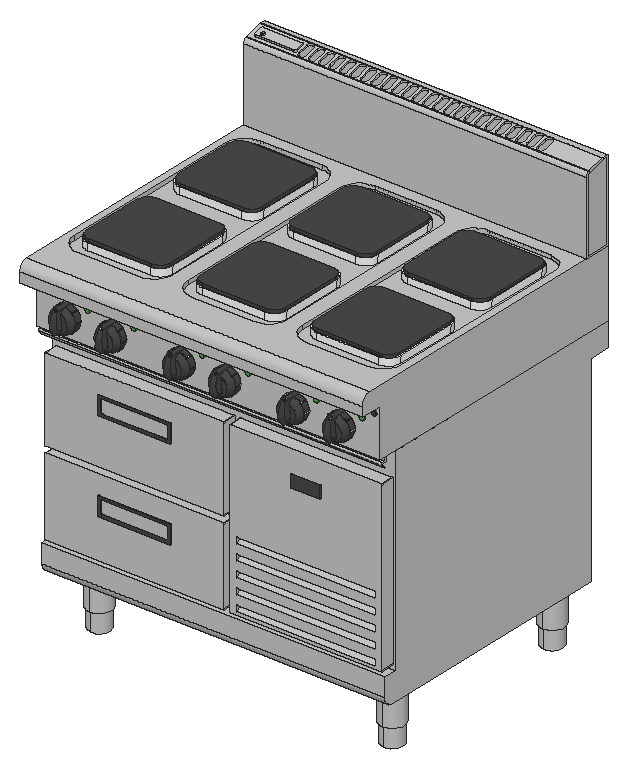
Revit family "QF_Moffat_RN8600SE-RB_Electric_Cooktops_Sealed_Hobs_cat", category Specialty Equipment, Revit 2019
Family settings
  Round Connector Dimension = Use Diameter
  Part Type = Normal
  Work Plane-Based = No
  Always vertical = Yes
  Cut with Voids When Loaded = No
  Shared = No
  Room Calculation Point = No
Parameters
  Weight in Pounds = 130
  Watts = 396 W
  Volts = 220 V
  URL Cutsheet = ""
  Specification by User = ""
  Specification by Manufacturer = ""
  Show Low Back [instance] = no
  Show Logo [instance] = yes
  Show High Back [instance] = not(Show Low Back)  # yes
  Serial Number = ""
  Seismic Rating = ""
  SMACNA No = ""
  Revision Code = ""
  Refrigerant Volume = 0.00 kip
  Refrigerant Type = "R134a"
  Phase = 1
  Number of Poles = 1
  NAFEM Spec ID Number = ""
  Model = "RN8600SE-RB"
  Min Ckt Ampacity = 0 A
  Max Overcurrent Protection = 0 A
  Masterspec = ""
  Manufacturer = "Moffat"
  Length = 900 mm
  Item Number = ""
  Installed By = ""
  Identify Quantity as Lot = yes
  Height = 915 mm
  HP = ""
  Furnished By = ""
  Foodservice Equipment Identifier = yes
  FL Amps = 1.8 A
  Electrical Remarks = ""
  Electric Connection Type = ""
  Elec Conn RI Height = 0 mm
  Elec Conn Connection Height = 0 mm
  Description = "Electric Cooktops Sealed Hobs"
  Depth = 805 mm
  Cycle = 50 Hz
  Conn Plug = ""
  Conn Conduit = yes
  CSI MasterFormat = ""
  BTUH = 0.0 Btu/h
  Apparent Power = if(Phase = 3, Volts * FL Amps * 1.73, Volts * FL Amps)  # 396 VA
Reference planes
  plane 1 "BACK": y = 0
  plane 2: z = 0
  plane 3 "LEFT": x = 0
  plane 4 "RIGHT": x = 900
  plane 5 "FRONT": y = -805
  plane 6 "TOP": z = 915
  plane 7 "Center Y": x = 450
  plane 8 "Center X": y = -402.5
Dimensions and locks
  equal spacing: plane 3 "LEFT", plane 7 "Center Y", plane 4 "RIGHT"
  "Length": plane 3 "LEFT" to plane 4 "RIGHT"
  equal spacing: plane 5 "FRONT", plane 8 "Center X", plane 1 "BACK"
  "Depth": plane 5 "FRONT" to plane 1 "BACK"
  "Height": plane 6 "TOP" to level
  aligned and locked: level to plane 2
Nested families
  nested 1: "RN8600SE-RB" at (0, 0, 0), type "E516S-RB"
  nested 2: "High and Low Option" at (0, 0, 0), High Back <- "Show High Back", Low Back <- "Show Low Back", Show Logo <- "Show Logo", type "RNLB8610SE"
    with Show Logo 2 yes, Show Logo 1 no, Show Logo yes, Low Back no, High Back yes
Connectors
  electrical at (650, -53.8, 300), driven by "BTUH"
    settings: on nested 1, index 1, voltage 0 V, apparent load 0 VA, apparent load phase1 0 VA, apparent load phase2 0 VA, apparent load phase3 0 VA, power factor 1, load classification "Other", number of poles 1, system type 30, power factor state 1, is connector primary yes, connector utility no, sub classification motor no, connector description "REFRIGERANT CONNECTION"
  electrical at (770, -30, 672.9), driven by "Volts", driven by "Watts"
    settings: on nested 1, index 2, voltage 220 V, apparent load 396 VA, apparent load phase1 0 VA, apparent load phase2 0 VA, apparent load phase3 0 VA, power factor 1, load classification "Other", number of poles 1, system type 30, power factor state 1, is connector primary no, connector utility no, sub classification motor no, connector description "ELECTRICAL CONNECTION"
Definition of nested family "RN8600SE-RB"
  Parameters (values of type "E516S-RB")
    Weight in Kilograms = 195
    Watts = Volts * FL Amps  # 8800 W
    Volts = 400 V
    URL Cutsheet = ""
    Specification by User = ""
    Specification by Manufacturer = ""
    Serial Number = ""
    Seismic Rating = ""
    SMACNA No = ""
    Revision Code = ""
    Refrigerant Volume = 0.00 kip
    Refrigerant Type = "R134a"
    Phase = 2
    Number of Poles = 1
    NAFEM Spec ID Number = ""
    Model = "RN8600SE-RB"
    Min Ckt Ampacity = 0 A
    Max Overcurrent Protection = 0 A
    Masterspec = ""
    Manufacturer = "Moffat"
    Length = 900 mm
    Item Number = ""
    Installed By = ""
    Identify Quantity as Lot = yes
    Height = 915 mm
    HP = ""
    Furnished By = ""
    Foodservice Equipment Identifier = yes
    FL Amps = 22 A
    Electrical Remarks = ""
    Electric Connection Type = ""
    Elec Conn RI Height = 0 mm
    Elec Conn Connection Height = 0 mm
    Description = "Electric Cooktops Sealed Hobs"
    Depth = 805 mm
    Cycle = 50 Hz
    Conn Plug = ""
    Conn Conduit = yes
    CSI MasterFormat = ""
    BTUH = 0.0 Btu/h
    Apparent Power = if(Phase = 3, Volts * FL Amps * 1.73, Volts * FL Amps)  # 8800 VA
  Reference planes
    plane 1 "BACK": y = 0
    plane 2: z = 0
    plane 3 "LEFT": x = 0
    plane 4 "RIGHT": x = 900
    plane 5 "FRONT": y = -805
    plane 6 "TOP": z = 915
    plane 7 "Center Y": x = 450
    plane 8 "Center X": y = -402.5
    plane 9: x = 65.5
    plane 10: x = 87.5
    plane 11: x = 211.766
    plane 12: y = -30
    plane 13: x = 770
    plane 14: x = 512.5
    plane 15: x = 388.234
    plane 16: x = 834.5
    plane 17: z = 150
    plane 18: y = -134
    plane 19: y = -624
    plane 20: x = 812.5
    plane 21: x = 688.234
    plane 22: x = 486.5
    plane 23: x = 650
    plane 24: z = 233
    plane 25: z = 658
  Forms (mm)
    Extrusion 1, solid
      sketch origin (0, 0, 600) x (0, 1, 0) y (0, 0, 1)
        loop
          line (0, 140) -> (0, 315) -> (-781, 315)
          arc (-781, 315) -> (-797.971, 307.971) -> (-805, 291) r 24
          line (-805, 291) -> (-805, 266) -> (-749, 266) -> (-749, 140) -> (0, 140)
      from 0 to 900
    Extrusion 2, void
      sketch origin (0, -776.971, 914.5) x (0, 1, 0) y (-1, 0, 0)
        loop
          arc (674.971, -69) -> (660.326, -33.645) -> (624.971, -19) r 50
          line (624.971, -19) -> (124.971, -19)
          arc (124.971, -19) -> (89.615, -33.645) -> (74.971, -69) r 50
          line (74.971, -69) -> (74.971, -231)
          arc (74.971, -231) -> (89.615, -266.355) -> (124.971, -281) r 50
          line (124.971, -281) -> (624.971, -281)
          arc (624.971, -281) -> (660.326, -266.355) -> (674.971, -231) r 50
          line (674.971, -231) -> (674.971, -69)
        loop
          line (674.971, -831) -> (674.971, -669)
          arc (674.971, -669) -> (660.326, -633.645) -> (624.971, -619) r 50
          line (624.971, -619) -> (124.971, -619)
          arc (124.971, -619) -> (89.615, -633.645) -> (74.971, -669) r 50
          line (74.971, -669) -> (74.971, -831)
          arc (74.971, -831) -> (89.615, -866.355) -> (124.971, -881) r 50
          line (124.971, -881) -> (624.971, -881)
          arc (624.971, -881) -> (660.326, -866.355) -> (674.971, -831) r 50
        loop
          arc (74.971, -531) -> (89.615, -566.355) -> (124.971, -581) r 50
          line (124.971, -581) -> (624.971, -581)
          arc (624.971, -581) -> (660.326, -566.355) -> (674.971, -531) r 50
          line (674.971, -531) -> (674.971, -369)
          arc (674.971, -369) -> (660.326, -333.645) -> (624.971, -319) r 50
          line (624.971, -319) -> (124.971, -319)
          arc (124.971, -319) -> (89.615, -333.645) -> (74.971, -369) r 50
          line (74.971, -369) -> (74.971, -531)
      from 0.5 to -9.5
    Extrusion 3, solid
      sketch origin (0, -776.971, 905) x (0, 1, 0) y (-1, 0, 0)
        loop
          arc (638.971, -68) -> (629.598, -45.373) -> (606.971, -36) r 32
          line (606.971, -36) -> (442.971, -36)
          arc (442.971, -36) -> (420.343, -45.373) -> (410.971, -68) r 32
          line (410.971, -68) -> (410.971, -232)
          arc (410.971, -232) -> (420.343, -254.627) -> (442.971, -264) r 32
          line (442.971, -264) -> (606.971, -264)
          arc (606.971, -264) -> (629.598, -254.627) -> (638.971, -232) r 32
          line (638.971, -232) -> (638.971, -68)
        loop
          arc (338.971, -68) -> (329.598, -45.373) -> (306.971, -36) r 32
          line (306.971, -36) -> (142.971, -36)
          arc (142.971, -36) -> (120.343, -45.373) -> (110.971, -68) r 32
          line (110.971, -68) -> (110.971, -232)
          arc (110.971, -232) -> (120.343, -254.627) -> (142.971, -264) r 32
          line (142.971, -264) -> (306.971, -264)
          arc (306.971, -264) -> (329.598, -254.627) -> (338.971, -232) r 32
          line (338.971, -232) -> (338.971, -68)
        loop
          arc (638.971, -368) -> (629.598, -345.373) -> (606.971, -336) r 32
          line (606.971, -336) -> (442.971, -336)
          arc (442.971, -336) -> (420.343, -345.373) -> (410.971, -368) r 32
          line (410.971, -368) -> (410.971, -532)
          arc (410.971, -532) -> (420.343, -554.627) -> (442.971, -564) r 32
          line (442.971, -564) -> (606.971, -564)
          arc (606.971, -564) -> (629.598, -554.627) -> (638.971, -532) r 32
          line (638.971, -532) -> (638.971, -368)
        loop
          arc (410.971, -832) -> (420.343, -854.627) -> (442.971, -864) r 32
          line (442.971, -864) -> (606.971, -864)
          arc (606.971, -864) -> (629.598, -854.627) -> (638.971, -832) r 32
          line (638.971, -832) -> (638.971, -668)
          arc (638.971, -668) -> (629.598, -645.373) -> (606.971, -636) r 32
          line (606.971, -636) -> (442.971, -636)
          arc (442.971, -636) -> (420.343, -645.373) -> (410.971, -668) r 32
          line (410.971, -668) -> (410.971, -832)
        loop
          arc (338.971, -368) -> (329.598, -345.373) -> (306.971, -336) r 32
          line (306.971, -336) -> (142.971, -336)
          arc (142.971, -336) -> (120.343, -345.373) -> (110.971, -368) r 32
          line (110.971, -368) -> (110.971, -532)
          arc (110.971, -532) -> (120.343, -554.627) -> (142.971, -564) r 32
          line (142.971, -564) -> (306.971, -564)
          arc (306.971, -564) -> (329.598, -554.627) -> (338.971, -532) r 32
          line (338.971, -532) -> (338.971, -368)
        loop
          arc (110.971, -832) -> (120.343, -854.627) -> (142.971, -864) r 32
          line (142.971, -864) -> (306.971, -864)
          arc (306.971, -864) -> (329.598, -854.627) -> (338.971, -832) r 32
          line (338.971, -832) -> (338.971, -668)
          arc (338.971, -668) -> (329.598, -645.373) -> (306.971, -636) r 32
          line (306.971, -636) -> (142.971, -636)
          arc (142.971, -636) -> (120.343, -645.373) -> (110.971, -668) r 32
          line (110.971, -668) -> (110.971, -832)
      from 0 to 17.8
    Extrusion 4, solid
      sketch origin (0, -776.971, 922.8) x (0, 1, 0) y (-1, 0, 0)
        loop
          arc (634.971, -67) -> (627.062, -47.908) -> (607.971, -40) r 27
          line (607.971, -40) -> (441.971, -40)
          arc (441.971, -40) -> (422.879, -47.908) -> (414.971, -67) r 27
          line (414.971, -67) -> (414.971, -233)
          arc (414.971, -233) -> (422.879, -252.092) -> (441.971, -260) r 27
          line (441.971, -260) -> (607.971, -260)
          arc (607.971, -260) -> (627.062, -252.092) -> (634.971, -233) r 27
          line (634.971, -233) -> (634.971, -67)
        loop
          arc (334.971, -67) -> (327.062, -47.908) -> (307.971, -40) r 27
          line (307.971, -40) -> (141.971, -40)
          arc (141.971, -40) -> (122.879, -47.908) -> (114.971, -67) r 27
          line (114.971, -67) -> (114.971, -233)
          arc (114.971, -233) -> (122.879, -252.092) -> (141.971, -260) r 27
          line (141.971, -260) -> (307.971, -260)
          arc (307.971, -260) -> (327.062, -252.092) -> (334.971, -233) r 27
          line (334.971, -233) -> (334.971, -67)
        loop
          line (634.971, -833) -> (634.971, -667)
          arc (634.971, -667) -> (627.062, -647.908) -> (607.971, -640) r 27
          line (607.971, -640) -> (441.971, -640)
          arc (441.971, -640) -> (422.879, -647.908) -> (414.971, -667) r 27
          line (414.971, -667) -> (414.971, -833)
          arc (414.971, -833) -> (422.879, -852.092) -> (441.971, -860) r 27
          line (441.971, -860) -> (607.971, -860)
          arc (607.971, -860) -> (627.062, -852.092) -> (634.971, -833) r 27
        loop
          line (414.971, -367) -> (414.971, -533)
          arc (414.971, -533) -> (422.879, -552.092) -> (441.971, -560) r 27
          line (441.971, -560) -> (607.971, -560)
          arc (607.971, -560) -> (627.062, -552.092) -> (634.971, -533) r 27
          line (634.971, -533) -> (634.971, -367)
          arc (634.971, -367) -> (627.062, -347.908) -> (607.971, -340) r 27
          line (607.971, -340) -> (441.971, -340)
          arc (441.971, -340) -> (422.879, -347.908) -> (414.971, -367) r 27
        loop
          arc (307.971, -860) -> (327.062, -852.092) -> (334.971, -833) r 27
          line (334.971, -833) -> (334.971, -667)
          arc (334.971, -667) -> (327.062, -647.908) -> (307.971, -640) r 27
          line (307.971, -640) -> (141.971, -640)
          arc (141.971, -640) -> (122.879, -647.908) -> (114.971, -667) r 27
          line (114.971, -667) -> (114.971, -833)
          arc (114.971, -833) -> (122.879, -852.092) -> (141.971, -860) r 27
          line (141.971, -860) -> (307.971, -860)
        loop
          arc (141.971, -340) -> (122.879, -347.908) -> (114.971, -367) r 27
          line (114.971, -367) -> (114.971, -533)
          arc (114.971, -533) -> (122.879, -552.092) -> (141.971, -560) r 27
          line (141.971, -560) -> (307.971, -560)
          arc (307.971, -560) -> (327.062, -552.092) -> (334.971, -533) r 27
          line (334.971, -533) -> (334.971, -367)
          arc (334.971, -367) -> (327.062, -347.908) -> (307.971, -340) r 27
          line (307.971, -340) -> (141.971, -340)
      from 0 to 6.1
    Extrusion 5, solid
      sketch origin (0, 0, 600) x (0, 1, 0) y (0, 0, 1)
        loop
          line (-697, 74.5) -> (0, 74.5) -> (0, 140) -> (-697, 140) -> (-697, 74.5)
      from 0 to 900
    Extrusion 6, solid
      sketch origin (0, 0, 600) x (0, 1, 0) y (0, 0, 1)
        loop
          line (-730.6, 140) -> (-730.6, 130) -> (-740.105, 130)
          arc (-740.105, 130) -> (-743.076, 128.015) -> (-742.379, 124.511) r 3.215
          line (-742.379, 124.511) -> (-731.85, 113.982) -> (-730.719, 115.113) -> (-741.247, 125.642)
          arc (-741.247, 125.642) -> (-741.597, 127.403) -> (-740.105, 128.4) r 1.615
          line (-740.105, 128.4) -> (-729, 128.4) -> (-729, 140) -> (-730.6, 140)
      from 0 to 900
    Extrusion 7, solid
      sketch origin (450, 175.397, 1819.2) x (0, 1, 0) y (0, 0, 1)
        loop
          line (-872.397, -1109.2) -> (-889.234, -1109.2)
          arc (-889.234, -1109.2) -> (-890.834, -1110.8) -> (-889.234, -1112.4) r 1.6
          line (-889.234, -1112.4) -> (-872.397, -1112.4) -> (-872.397, -1109.2)
      from -400 to 400
    Extrusion 8, solid
      sketch origin (0, -749, 748.75) x (0, 0, 1) y (-1, 0, 0)
        loop
          circle (97.343, -13.157) r 5
        loop
          circle (97.343, -886.843) r 5
      from 0 to 1.6
    Extrusion 9, solid
      sketch origin (0, -698, 674.5) x (1, 0, 0) y (0, -1, 0)
        loop
          circle (770, -668) r 6.35
      from 0 to 1.6
    Extrusion 10, solid
      sketch origin (-6096, 187.719, 150) x (0, 1, 0) y (-1, 0, 0)
        loop
          line (-244.719, -6096) -> (-884.719, -6096) -> (-884.719, -6146) -> (-292.719, -6146) -> (-292.719, -6946) -> (-884.719, -6946) -> (-884.719, -6996) -> (-244.719, -6996) -> (-244.719, -6096)
      from 0 to 524.5
    Extrusion 11, solid
      sketch origin (0, 0, 0) x (0, 1, 0) y (0, 0, 1)
        loop
          line (-57, 150) -> (-57, 222.5) -> (-733, 222.5) -> (-733, 174)
          arc (-733, 174) -> (-725.971, 157.029) -> (-709, 150) r 24
          line (-709, 150) -> (-57, 150)
      from 0 to 900
    Extrusion 12, solid
      sketch origin (586.5, -48, 150) x (0, -1, 0) y (0, 0, 1)
        loop
          line (649, 535) -> (57, 535) -> (57, 72.5) -> (649, 72.5) -> (649, 535)
      from 64.5 to 135.5
    Revolve 13, solid
      sketch origin (65.5, -4573, -304.8) x (0, 0, -1) y (0, -1, 0)
        loop
          line (-304.8, -3948) -> (-454.8, -3948) -> (-454.8, -3979.75) -> (-354.8, -3979.75) -> (-354.8, -3975.5) -> (-304.8, -3975.5) -> (-304.8, -3948)
        axis (-454.8, -3948) -> (-304.8, -3948)
      angle from 0 to 360
    Revolve 14, solid
      sketch origin (834.5, -4573, -304.8) x (0, 0, -1) y (0, 1, 0)
        loop
          line (-304.8, 3948) -> (-304.8, 3975.5) -> (-354.8, 3975.5) -> (-354.8, 3979.75) -> (-454.8, 3979.75) -> (-454.8, 3948) -> (-304.8, 3948)
        axis (-454.8, 3948) -> (-304.8, 3948)
      angle from 0 to 360
    Extrusion 15, void
      sketch origin (0, -733, 740) x (0, 0, -1) y (1, 0, 0)
        loop
          arc (121.8, 161) -> (123.557, 156.757) -> (127.8, 155) r 6
          line (127.8, 155) -> (152.434, 155)
          arc (152.434, 155) -> (156.676, 156.757) -> (158.434, 161) r 6
          line (158.434, 161) -> (158.434, 327)
          arc (158.434, 327) -> (156.676, 331.243) -> (152.434, 333) r 6
          line (152.434, 333) -> (127.8, 333)
          arc (127.8, 333) -> (123.557, 331.243) -> (121.8, 327) r 6
          line (121.8, 327) -> (121.8, 161)
        loop
          arc (358.8, 161) -> (360.557, 156.757) -> (364.8, 155) r 6
          line (364.8, 155) -> (389.434, 155)
          arc (389.434, 155) -> (393.676, 156.757) -> (395.434, 161) r 6
          line (395.434, 161) -> (395.434, 327)
          arc (395.434, 327) -> (393.676, 331.243) -> (389.434, 333) r 6
          line (389.434, 333) -> (364.8, 333)
          arc (364.8, 333) -> (360.557, 331.243) -> (358.8, 327) r 6
          line (358.8, 327) -> (358.8, 161)
      from 0 to -10
    Extrusion 16, solid
      sketch origin (0, -733, 740) x (0, 0, -1) y (1, 0, 0)
        loop
          line (353.494, 149) -> (401.494, 149) -> (402.494, 150) -> (402.494, 338) -> (401.494, 339) -> (353.494, 339) -> (352.494, 338) -> (352.494, 150) -> (353.494, 149)
        loop
          line (116.494, 149) -> (164.494, 149) -> (165.494, 150) -> (165.494, 338) -> (164.494, 339) -> (116.494, 339) -> (115.494, 338) -> (115.494, 150) -> (116.494, 149)
        loop
          arc (121.8, 161) -> (123.557, 156.757) -> (127.8, 155) r 6
          line (127.8, 155) -> (152.434, 155)
          arc (152.434, 155) -> (156.676, 156.757) -> (158.434, 161) r 6
          line (158.434, 161) -> (158.434, 327)
          arc (158.434, 327) -> (156.676, 331.243) -> (152.434, 333) r 6
          line (152.434, 333) -> (127.8, 333)
          arc (127.8, 333) -> (123.557, 331.243) -> (121.8, 327) r 6
          line (121.8, 327) -> (121.8, 161)
        loop
          arc (358.8, 161) -> (360.557, 156.757) -> (364.8, 155) r 6
          line (364.8, 155) -> (389.434, 155)
          arc (389.434, 155) -> (393.676, 156.757) -> (395.434, 161) r 6
          line (395.434, 161) -> (395.434, 327)
          arc (395.434, 327) -> (393.676, 331.243) -> (389.434, 333) r 6
          line (389.434, 333) -> (364.8, 333)
          arc (364.8, 333) -> (360.557, 331.243) -> (358.8, 327) r 6
          line (358.8, 327) -> (358.8, 161)
      from 0 to 1.6
    Extrusion 17, solid
      sketch origin (0, -697, 740) x (0, 0, -1) y (1, 0, 0)
        loop
          line (507, 496) -> (507, 892)
          arc (507, 892) -> (506.414, 893.414) -> (505, 894) r 2
          line (505, 894) -> (67.5, 894)
          arc (67.5, 894) -> (66.086, 893.414) -> (65.5, 892) r 2
          line (65.5, 892) -> (65.5, 496)
          arc (65.5, 496) -> (66.086, 494.586) -> (67.5, 494) r 2
          line (67.5, 494) -> (505, 494)
          arc (505, 494) -> (506.414, 494.586) -> (507, 496) r 2
      from 0 to 36
    Extrusion 18, void
      sketch origin (522, -48, 150) x (0, 1, 0) y (0, 0, 1)
        loop
          line (-649, 303.003) -> (-685, 267.003) -> (-685, 249.042) -> (-649, 285.042) -> (-649, 303.003)
        loop
          line (-649, 263.003) -> (-685, 227.003) -> (-685, 209.042) -> (-649, 245.042) -> (-649, 263.003)
        loop
          line (-649, 223.003) -> (-685, 187.003) -> (-685, 169.042) -> (-649, 205.042) -> (-649, 223.003)
        loop
          line (-649, 183.003) -> (-685, 147.003) -> (-685, 129.042) -> (-649, 165.042) -> (-649, 183.003)
        loop
          line (-649, 143.003) -> (-685, 107.003) -> (-685, 89.042) -> (-649, 125.042) -> (-649, 143.003)
      from -10.5 to 354.5
    Extrusion 19, solid
      sketch origin (0, -733, 740) x (0, 0, -1) y (1, 0, 0)
        loop
          line (123.994, 656.5) -> (156.994, 656.5) -> (156.994, 731.5) -> (123.994, 731.5) -> (123.994, 656.5)
      from 0 to 1.6
    Extrusion 20, solid
      sketch origin (0, -57, 150) x (1, 0, 0) y (0, 0, -1)
        loop
          circle (650, -150) r 12.7
      from 0 to 3.2
    Revolve 21, solid
      sketch origin (65.5, 3848, -304.8) x (0, 0, -1) y (0, -1, 0)
        loop
          line (-304.8, 3948) -> (-304.8, 3975.5) -> (-354.8, 3975.5) -> (-354.8, 3979.75) -> (-454.8, 3979.75) -> (-454.8, 3948) -> (-304.8, 3948)
        axis (-454.8, 3948) -> (-304.8, 3948)
      angle from 0 to 360
    Revolve 22, solid
      sketch origin (834.5, 3848, -304.8) x (0, 0, -1) y (0, 1, 0)
        loop
          line (-304.8, -3948) -> (-454.8, -3948) -> (-454.8, -3979.75) -> (-354.8, -3979.75) -> (-354.8, -3975.5) -> (-304.8, -3975.5) -> (-304.8, -3948)
        axis (-454.8, -3948) -> (-304.8, -3948)
      angle from 0 to 360
    Extrusion 23, solid
      sketch origin (0, -749, 740) x (0, 0, 1) y (-1, 0, 0)
        loop
          circle (86.3, -135) r 7.25
        loop
          circle (86.3, -255) r 7.25
        loop
          circle (86.3, -435) r 7.25
        loop
          circle (86.3, -555) r 7.25
        loop
          circle (86.3, -735) r 7.25
        loop
          circle (86.3, -855) r 7.25
      from 0 to 1.6
    Extrusion 24, solid
      sketch origin (550, -48, 150) x (0, -1, 0) y (0, 0, 1)
        loop
          line (649, 72.5) -> (649, 83) -> (9, 83) -> (9, 72.5) -> (649, 72.5)
      from -300 to 500
    Extrusion 25, solid
      sketch origin (50, -698, 150) x (0, 1, 0) y (0, 0, 1)
        loop
          line (1, 303.5) -> (1, 287.5) -> (1.96, 287.5) -> (1.96, 303.5) -> (1, 303.5)
      from 0 to 401
    Extrusion 26, solid
      sketch origin (0, -697, 740) x (0, 0, -1) y (1, 0, 0)
        loop
          line (67.5, 9) -> (284.5, 9)
          arc (284.5, 9) -> (285.914, 9.586) -> (286.5, 11) r 2
          line (286.5, 11) -> (286.5, 477)
          arc (286.5, 477) -> (285.914, 478.414) -> (284.5, 479) r 2
          line (284.5, 479) -> (67.5, 479)
          arc (67.5, 479) -> (66.086, 478.414) -> (65.5, 477) r 2
          line (65.5, 477) -> (65.5, 11)
          arc (65.5, 11) -> (66.086, 9.586) -> (67.5, 9) r 2
        loop
          arc (507, 477) -> (506.414, 478.414) -> (505, 479) r 2
          line (505, 479) -> (304.5, 479)
          arc (304.5, 479) -> (303.086, 478.414) -> (302.5, 477) r 2
          line (302.5, 477) -> (302.5, 11)
          arc (302.5, 11) -> (303.086, 9.586) -> (304.5, 9) r 2
          line (304.5, 9) -> (505, 9)
          arc (505, 9) -> (506.414, 9.586) -> (507, 11) r 2
          line (507, 11) -> (507, 477)
      from 0 to 36
  Cuts and joins
    Extrusion 2 cuts Extrusion 1
    joined: Extrusion 5, Extrusion 10, Extrusion 11, Extrusion 12, Extrusion 24, Extrusion 25
    Extrusion 18 cuts Extrusion 17
  Lines and regions (mm)
    symbolic lines
      curve 1: line (0, 0, 0) -> (900, 0, 0)
      curve 2: line (0, -805, 0) -> (0, 0, 0)
      curve 3: line (900, -805, 0) -> (0, -805, 0)
      curve 4: line (900, 0, 0) -> (900, -805, 0)
      curve 5: arc (281, -652, 0) -> (266.355, -687.355, 0) -> (231, -702, 0) r 50
      curve 6: line (231, -702, 0) -> (69, -702, 0)
      curve 7: arc (69, -702, 0) -> (33.645, -687.355, 0) -> (19, -652, 0) r 50
      curve 8: line (19, -652, 0) -> (19, -152, 0)
      curve 9: arc (19, -152, 0) -> (33.645, -116.645, 0) -> (69, -102, 0) r 50
      curve 10: line (69, -102, 0) -> (231, -102, 0)
      curve 11: arc (231, -102, 0) -> (266.355, -116.645, 0) -> (281, -152, 0) r 50
      curve 12: line (281, -152, 0) -> (281, -652, 0)
      curve 13: arc (319, -152, 0) -> (333.645, -116.645, 0) -> (369, -102, 0) r 50
      curve 14: line (369, -102, 0) -> (531, -102, 0)
      curve 15: arc (531, -102, 0) -> (566.355, -116.645, 0) -> (581, -152, 0) r 50
      curve 16: line (581, -152, 0) -> (581, -652, 0)
      curve 17: arc (581, -652, 0) -> (566.355, -687.355, 0) -> (531, -702, 0) r 50
      curve 18: line (531, -702, 0) -> (369, -702, 0)
      curve 19: arc (369, -702, 0) -> (333.645, -687.355, 0) -> (319, -652, 0) r 50
      curve 20: line (319, -652, 0) -> (319, -152, 0)
      curve 21: arc (619, -152, 0) -> (633.645, -116.645, 0) -> (669, -102, 0) r 50
      curve 22: line (669, -102, 0) -> (831, -102, 0)
      curve 23: arc (831, -102, 0) -> (866.355, -116.645, 0) -> (881, -152, 0) r 50
      curve 24: line (881, -152, 0) -> (881, -652, 0)
      curve 25: arc (881, -652, 0) -> (866.355, -687.355, 0) -> (831, -702, 0) r 50
      curve 26: line (831, -702, 0) -> (669, -702, 0)
      curve 27: arc (669, -702, 0) -> (633.645, -687.355, 0) -> (619, -652, 0) r 50
      curve 28: line (619, -652, 0) -> (619, -152, 0)
      curve 29: arc (68, -138, 0) -> (45.373, -147.373, 0) -> (36, -170, 0) r 32
      curve 30: line (36, -170, 0) -> (36, -334, 0)
      curve 31: arc (36, -334, 0) -> (45.373, -356.627, 0) -> (68, -366, 0) r 32
      curve 32: line (68, -366, 0) -> (232, -366, 0)
      curve 33: arc (232, -366, 0) -> (254.627, -356.627, 0) -> (264, -334, 0) r 32
      curve 34: line (264, -334, 0) -> (264, -170, 0)
      curve 35: arc (264, -170, 0) -> (254.627, -147.373, 0) -> (232, -138, 0) r 32
      curve 36: line (232, -138, 0) -> (68, -138, 0)
      curve 37: arc (67, -142, 0) -> (47.908, -149.908, 0) -> (40, -169, 0) r 27
      curve 38: line (40, -169, 0) -> (40, -335, 0)
      curve 39: arc (40, -335, 0) -> (47.908, -354.092, 0) -> (67, -362, 0) r 27
      curve 40: line (67, -362, 0) -> (233, -362, 0)
      curve 41: arc (233, -362, 0) -> (252.092, -354.092, 0) -> (260, -335, 0) r 27
      curve 42: line (260, -335, 0) -> (260, -169, 0)
      curve 43: arc (260, -169, 0) -> (252.092, -149.908, 0) -> (233, -142, 0) r 27
      curve 44: line (233, -142, 0) -> (67, -142, 0)
      curve 45: arc (68, -438, 0) -> (45.373, -447.373, 0) -> (36, -470, 0) r 32
      curve 46: line (36, -470, 0) -> (36, -634, 0)
      curve 47: arc (36, -634, 0) -> (45.373, -656.627, 0) -> (68, -666, 0) r 32
      curve 48: line (68, -666, 0) -> (232, -666, 0)
      curve 49: arc (232, -666, 0) -> (254.627, -656.627, 0) -> (264, -634, 0) r 32
      curve 50: line (264, -634, 0) -> (264, -470, 0)
      curve 51: arc (264, -470, 0) -> (254.627, -447.373, 0) -> (232, -438, 0) r 32
      curve 52: line (232, -438, 0) -> (68, -438, 0)
      curve 53: arc (67, -442, 0) -> (47.908, -449.908, 0) -> (40, -469, 0) r 27
      curve 54: line (40, -469, 0) -> (40, -635, 0)
      curve 55: arc (40, -635, 0) -> (47.908, -654.092, 0) -> (67, -662, 0) r 27
      curve 56: line (67, -662, 0) -> (233, -662, 0)
      curve 57: arc (233, -662, 0) -> (252.092, -654.092, 0) -> (260, -635, 0) r 27
      curve 58: line (260, -635, 0) -> (260, -469, 0)
      curve 59: arc (260, -469, 0) -> (252.092, -449.908, 0) -> (233, -442, 0) r 27
      curve 60: line (233, -442, 0) -> (67, -442, 0)
      curve 61: arc (368, -438, 0) -> (345.373, -447.373, 0) -> (336, -470, 0) r 32
      curve 62: line (336, -470, 0) -> (336, -634, 0)
      curve 63: arc (336, -634, 0) -> (345.373, -656.627, 0) -> (368, -666, 0) r 32
      curve 64: line (368, -666, 0) -> (532, -666, 0)
      curve 65: arc (532, -666, 0) -> (554.627, -656.627, 0) -> (564, -634, 0) r 32
      curve 66: line (564, -634, 0) -> (564, -470, 0)
      curve 67: arc (564, -470, 0) -> (554.627, -447.373, 0) -> (532, -438, 0) r 32
      curve 68: line (532, -438, 0) -> (368, -438, 0)
      curve 69: arc (367, -442, 0) -> (347.908, -449.908, 0) -> (340, -469, 0) r 27
      curve 70: line (340, -469, 0) -> (340, -635, 0)
      curve 71: arc (340, -635, 0) -> (347.908, -654.092, 0) -> (367, -662, 0) r 27
      curve 72: line (367, -662, 0) -> (533, -662, 0)
      curve 73: arc (533, -662, 0) -> (552.092, -654.092, 0) -> (560, -635, 0) r 27
      curve 74: line (560, -635, 0) -> (560, -469, 0)
      curve 75: arc (560, -469, 0) -> (552.092, -449.908, 0) -> (533, -442, 0) r 27
      curve 76: line (533, -442, 0) -> (367, -442, 0)
      curve 77: arc (336, -334, 0) -> (345.373, -356.627, 0) -> (368, -366, 0) r 32
      curve 78: line (368, -366, 0) -> (532, -366, 0)
      curve 79: arc (532, -366, 0) -> (554.627, -356.627, 0) -> (564, -334, 0) r 32
      curve 80: line (564, -334, 0) -> (564, -170, 0)
      curve 81: arc (564, -170, 0) -> (554.627, -147.373, 0) -> (532, -138, 0) r 32
      curve 82: line (532, -138, 0) -> (368, -138, 0)
      curve 83: arc (368, -138, 0) -> (345.373, -147.373, 0) -> (336, -170, 0) r 32
      curve 84: line (336, -170, 0) -> (336, -334, 0)
      curve 85: arc (340, -335, 0) -> (347.908, -354.092, 0) -> (367, -362, 0) r 27
      curve 86: line (367, -362, 0) -> (533, -362, 0)
      curve 87: arc (533, -362, 0) -> (552.092, -354.092, 0) -> (560, -335, 0) r 27
      curve 88: line (560, -335, 0) -> (560, -169, 0)
      curve 89: arc (560, -169, 0) -> (552.092, -149.908, 0) -> (533, -142, 0) r 27
      curve 90: line (533, -142, 0) -> (367, -142, 0)
      curve 91: arc (367, -142, 0) -> (347.908, -149.908, 0) -> (340, -169, 0) r 27
      curve 92: line (340, -169, 0) -> (340, -335, 0)
      curve 93: arc (668, -138, 0) -> (645.373, -147.373, 0) -> (636, -170, 0) r 32
      curve 94: line (636, -170, 0) -> (636, -334, 0)
      curve 95: arc (636, -334, 0) -> (645.373, -356.627, 0) -> (668, -366, 0) r 32
      curve 96: line (668, -366, 0) -> (832, -366, 0)
      curve 97: arc (832, -366, 0) -> (854.627, -356.627, 0) -> (864, -334, 0) r 32
      curve 98: line (864, -334, 0) -> (864, -170, 0)
      curve 99: arc (864, -170, 0) -> (854.627, -147.373, 0) -> (832, -138, 0) r 32
      curve 100: line (832, -138, 0) -> (668, -138, 0)
      curve 101: arc (667, -142, 0) -> (647.908, -149.908, 0) -> (640, -169, 0) r 27
      curve 102: line (640, -169, 0) -> (640, -335, 0)
      curve 103: arc (640, -335, 0) -> (647.908, -354.092, 0) -> (667, -362, 0) r 27
      curve 104: line (667, -362, 0) -> (833, -362, 0)
      curve 105: arc (833, -362, 0) -> (852.092, -354.092, 0) -> (860, -335, 0) r 27
      curve 106: line (860, -335, 0) -> (860, -169, 0)
      curve 107: arc (860, -169, 0) -> (852.092, -149.908, 0) -> (833, -142, 0) r 27
      curve 108: line (833, -142, 0) -> (667, -142, 0)
      curve 109: arc (668, -438, 0) -> (645.373, -447.373, 0) -> (636, -470, 0) r 32
      curve 110: line (636, -470, 0) -> (636, -634, 0)
      curve 111: arc (636, -634, 0) -> (645.373, -656.627, 0) -> (668, -666, 0) r 32
      curve 112: line (668, -666, 0) -> (832, -666, 0)
      curve 113: arc (832, -666, 0) -> (854.627, -656.627, 0) -> (864, -634, 0) r 32
      curve 114: line (864, -634, 0) -> (864, -470, 0)
      curve 115: arc (864, -470, 0) -> (854.627, -447.373, 0) -> (832, -438, 0) r 32
      curve 116: line (832, -438, 0) -> (668, -438, 0)
      curve 117: arc (667, -442, 0) -> (647.908, -449.908, 0) -> (640, -469, 0) r 27
      curve 118: line (640, -469, 0) -> (640, -635, 0)
      curve 119: arc (640, -635, 0) -> (647.908, -654.092, 0) -> (667, -662, 0) r 27
      curve 120: line (667, -662, 0) -> (833, -662, 0)
      curve 121: arc (833, -662, 0) -> (852.092, -654.092, 0) -> (860, -635, 0) r 27
      curve 122: line (860, -635, 0) -> (860, -469, 0)
      curve 123: arc (860, -469, 0) -> (852.092, -449.908, 0) -> (833, -442, 0) r 27
      curve 124: line (833, -442, 0) -> (667, -442, 0)
  Dimensions and locks
    equal spacing: plane 3 "LEFT", plane 7 "Center Y", plane 4 "RIGHT"
    "Length": plane 3 "LEFT" to plane 4 "RIGHT"
    equal spacing: plane 5 "FRONT", plane 8 "Center X", plane 1 "BACK"
    "Depth": plane 5 "FRONT" to plane 1 "BACK"
    "Height": plane 6 "TOP" to level
    plane 4 "RIGHT" to plane 3 "LEFT" = 900 mm
    plane 1 "BACK" to plane 5 "FRONT" = 805 mm
    plane 6 "TOP" to plane 2 = 915 mm
    locked: plane 13 to plane 4 "RIGHT" at 130
    plane 9 to plane 16 = 769 mm
    plane 17 to plane 2 = 150 mm
    plane 1 "BACK" to plane 18 = 134 mm
    plane 18 to plane 19 = 490 mm
    plane 1 "BACK" to plane 12 = 30 mm
    plane 1 "BACK" to cut or joined group of Extrusion 5, Extrusion 10, Extrusion 11, Extrusion 12, Extrusion 24, Extrusion 25 = 57 mm
    plane 23 to plane 4 "RIGHT" = 250 mm
    aligned and locked: level to plane 2
  Automatic sketch dimensions
    Extrusion 5 sketch curve to plane 1 "BACK" = 0 mm
    plane 19 to Extrusion 5 sketch curve = 73 mm
    Extrusion 5 sketch curve to Extrusion 5 sketch curve = 65.5 mm
    Extrusion 6 sketch curve to Extrusion 6 sketch curve = 0 mm  (x3)
    Extrusion 6 sketch curve to plane 5 "FRONT" = 62.621 mm
    Extrusion 6 sketch curve to Extrusion 6 sketch curve = 1.131 mm  (x3)
    Extrusion 6 sketch curve to Extrusion 6 sketch curve = 1.142 mm  (x2)
    Extrusion 6 sketch curve to Extrusion 6 sketch curve = 10.529 mm
    Extrusion 6 sketch curve to Extrusion 6 sketch curve = 9.505 mm
    Extrusion 6 sketch curve to Extrusion 6 sketch curve = 1.6 mm
    Extrusion 6 sketch curve to Extrusion 6 sketch curve = 10 mm
    plane 19 to Extrusion 7 sketch curve = 89.837 mm
    Extrusion 7 sketch curve to Extrusion 7 sketch curve = 16.837 mm
    Extrusion 7 sketch curve to Extrusion 7 sketch curve = 1.6 mm
    Extrusion 8 sketch curve to Extrusion 1 = 19.907 mm  (x2)
    Extrusion 1 to Extrusion 8 sketch curve = 13.157 mm  (x2)
    Extrusion 10 sketch curve to plane 3 "LEFT" = 0 mm
    Extrusion 10 sketch curve to plane 4 "RIGHT" = 0 mm
    plane 9 to Extrusion 10 sketch curve = 15.5 mm
    plane 19 to Extrusion 10 sketch curve = 73 mm  (x2)
    plane 16 to Extrusion 10 sketch curve = 15.5 mm
    Extrusion 10 sketch curve to plane 18 = 29 mm
    plane 12 to Extrusion 10 sketch curve = 27 mm
    Extrusion 12 sketch curve to plane 18 = 29 mm
    plane 19 to Extrusion 12 sketch curve = 73 mm
    Revolve 13 sketch curve to plane 17 = 0 mm
    Revolve 13 sketch curve to level = 0 mm  (x2)
    level to Revolve 13 sketch curve = 50 mm
    Revolve 13 sketch curve to plane 19 = 30.75 mm
    Revolve 13 sketch curve to plane 19 = 26.5 mm
    plane 19 to Revolve 13 sketch curve = 1 mm  (x2)
    Revolve 13 sketch curve to Revolve 13 sketch curve = 35 mm
    Revolve 14 sketch curve to plane 17 = 0 mm
    Revolve 14 sketch curve to level = 0 mm  (x2)
    level to Revolve 14 sketch curve = 50 mm
    plane 19 to Revolve 14 sketch curve = 1 mm  (x2)
    Revolve 14 sketch curve to plane 19 = 26.5 mm
    Revolve 14 sketch curve to plane 19 = 30.75 mm
    Revolve 14 sketch curve to Revolve 14 sketch curve = 35 mm
    Extrusion 15 sketch curve to Extrusion 15 sketch curve = 6 mm  (x6)
    Extrusion 15 sketch curve to Extrusion 15 sketch curve = 24.634 mm  (x4)
    Extrusion 16 sketch curve to Extrusion 16 sketch curve = 1 mm  (x12)
    Extrusion 16 sketch curve to Extrusion 16 sketch curve = 6.306 mm  (x2)
    Extrusion 16 sketch curve to Extrusion 16 sketch curve = 6 mm  (x8)
    Extrusion 16 sketch curve to Extrusion 16 sketch curve = 24.634 mm  (x4)
    Extrusion 16 sketch curve to Extrusion 16 sketch curve = 6.06 mm  (x4)
    Extrusion 16 sketch curve to Extrusion 16 sketch curve = 11 mm  (x4)
    Extrusion 18 sketch curve to Extrusion 12 = 0 mm  (x5)
    Extrusion 12 to Extrusion 18 sketch curve = 36 mm  (x2)
    Extrusion 18 sketch curve to Extrusion 18 sketch curve = 0 mm  (x3)
    Extrusion 18 sketch curve to Extrusion 12 = 16.542 mm
    Extrusion 18 sketch curve to Extrusion 18 sketch curve = 17.961 mm  (x10)
    Extrusion 18 sketch curve to Extrusion 18 sketch curve = 18.039 mm
    Extrusion 18 sketch curve to Extrusion 18 sketch curve = 22.039 mm  (x8)
    Extrusion 19 sketch curve to Extrusion 17 = 58.494 mm
    Extrusion 19 sketch curve to Extrusion 19 sketch curve = 33 mm
    Extrusion 19 sketch curve to Extrusion 17 = 162.5 mm
    Extrusion 19 sketch curve to Extrusion 19 sketch curve = 75 mm
    Extrusion 20 sketch curve to Extrusion 10 = 250 mm
    Extrusion 10 to Extrusion 20 sketch curve = 150 mm
    Revolve 21 sketch curve to plane 17 = 0 mm
    Revolve 21 sketch curve to level = 0 mm  (x2)
    level to Revolve 21 sketch curve = 50 mm
    Revolve 21 sketch curve to plane 18 = 34 mm
    Revolve 21 sketch curve to Revolve 21 sketch curve = 27.5 mm
    Revolve 21 sketch curve to Revolve 21 sketch curve = 31.75 mm
    Revolve 21 sketch curve to Revolve 21 sketch curve = 35 mm
    Revolve 21 sketch curve to Revolve 21 sketch curve = 0 mm
    Revolve 22 sketch curve to plane 17 = 0 mm
    Revolve 22 sketch curve to level = 0 mm  (x2)
    level to Revolve 22 sketch curve = 50 mm
    Revolve 22 sketch curve to plane 18 = 2.25 mm
    Revolve 22 sketch curve to Revolve 22 sketch curve = 4.25 mm
    Revolve 22 sketch curve to Revolve 22 sketch curve = 27.5 mm
    Revolve 22 sketch curve to Revolve 22 sketch curve = 35 mm
    Revolve 22 sketch curve to Revolve 22 sketch curve = 0 mm
    Extrusion 2 sketch curve to plane 16 = 3.5 mm  (x2)
    plane 19 to Extrusion 2 sketch curve = 78 mm  (x3)
    plane 15 to Extrusion 2 sketch curve = 19.234 mm
    Extrusion 2 sketch curve to plane 9 = 3.5 mm  (x2)
    plane 19 to Extrusion 2 sketch curve = 28 mm  (x5)
    plane 23 to Extrusion 2 sketch curve = 19 mm
    plane 4 "RIGHT" to Extrusion 2 sketch curve = 19 mm
    plane 18 to Extrusion 2 sketch curve = 18 mm  (x6)
    Extrusion 2 sketch curve to plane 18 = 32 mm
    Extrusion 2 sketch curve to Extrusion 2 sketch curve = 38 mm  (x2)
    plane 1 "BACK" to curve 1 = 0 mm
    curve 1 to plane 3 "LEFT" = 0 mm
    curve 1 to plane 4 "RIGHT" = 0 mm
    plane 5 "FRONT" to curve 3 = 0 mm
    plane 3 "LEFT" to curve 8 = 19 mm
    plane 9 to curve 30 = 29.5 mm
    plane 19 to curve 46 = 10 mm
    curve 8 to curve 46 = 17 mm
    curve 45 to curve 54 = 4 mm
    curve 30 to curve 38 = 4 mm
    curve 55 to plane 9 = 1.5 mm
    curve 40 to plane 9 = 1.5 mm
    curve 44 to plane 9 = 1.5 mm
    curve 60 to plane 9 = 1.5 mm
    curve 32 to plane 9 = 2.5 mm
    curve 37 to curve 29 = 1 mm
    curve 55 to curve 47 = 1 mm
    curve 53 to curve 45 = 1 mm
    curve 9 to plane 9 = 3.5 mm
    curve 6 to plane 9 = 3.5 mm
    plane 11 to curve 10 = 19.234 mm
    plane 11 to curve 6 = 19.234 mm
    plane 11 to curve 52 = 20.234 mm
    plane 18 to curve 36 = 4 mm
    curve 11 to curve 36 = 1 mm
    plane 19 to curve 49 = 10 mm
    curve 5 to curve 49 = 1 mm
    plane 11 to curve 33 = 20.234 mm
    curve 48 to curve 56 = 1 mm
    curve 52 to curve 60 = 1 mm
    curve 35 to curve 43 = 1 mm
    curve 33 to curve 41 = 1 mm
    curve 58 to curve 50 = 4 mm
    curve 41 to curve 42 = 27 mm
    curve 42 to curve 34 = 4 mm
    curve 34 to curve 12 = 17 mm
    curve 5 to curve 20 = 38 mm
    plane 15 to curve 62 = 52.234 mm
    curve 13 to curve 84 = 17 mm
    curve 62 to curve 70 = 4 mm
    curve 84 to curve 92 = 4 mm
    plane 15 to curve 91 = 21.234 mm
    plane 15 to curve 85 = 21.234 mm
    plane 15 to curve 69 = 21.234 mm
    plane 15 to curve 72 = 21.234 mm
    curve 86 to curve 78 = 1 mm
    curve 90 to curve 82 = 1 mm
    curve 69 to curve 68 = 1 mm
    curve 71 to curve 64 = 1 mm
    plane 15 to curve 18 = 19.234 mm
    plane 15 to curve 14 = 19.234 mm
    plane 14 to curve 15 = 18.5 mm
    plane 14 to curve 18 = 18.5 mm
    plane 14 to curve 79 = 19.5 mm
    curve 17 to curve 65 = 1 mm
    curve 15 to curve 81 = 1 mm
    plane 14 to curve 67 = 19.5 mm
    curve 81 to curve 90 = 1 mm
    curve 78 to curve 86 = 1 mm
    curve 68 to curve 76 = 1 mm
    curve 64 to curve 72 = 1 mm
    curve 75 to curve 74 = 27 mm
    curve 87 to curve 88 = 27 mm
    curve 73 to curve 66 = 4 mm
    curve 88 to curve 80 = 4 mm
    plane 18 to curve 16 = 18 mm
    curve 80 to curve 16 = 17 mm
    curve 28 to plane 23 = 31 mm
    curve 94 to plane 23 = 14 mm
    curve 110 to plane 23 = 14 mm
    curve 93 to curve 102 = 4 mm
    curve 109 to curve 118 = 4 mm
    plane 18 to curve 108 = 8 mm
    plane 23 to curve 108 = 17 mm
    plane 23 to curve 103 = 17 mm
    plane 19 to curve 119 = 11 mm
    plane 23 to curve 119 = 17 mm
    plane 23 to curve 117 = 17 mm
    curve 103 to curve 95 = 1 mm
    curve 117 to curve 116 = 1 mm
    curve 101 to curve 100 = 1 mm
    curve 119 to curve 112 = 1 mm
    plane 23 to curve 26 = 19 mm
    plane 23 to curve 22 = 19 mm
    curve 26 to plane 16 = 3.5 mm
    curve 22 to plane 16 = 3.5 mm
    curve 97 to plane 16 = 2.5 mm
    curve 113 to plane 16 = 2.5 mm
    curve 116 to plane 16 = 2.5 mm
    curve 100 to plane 16 = 2.5 mm
    curve 104 to plane 16 = 1.5 mm
    curve 108 to plane 16 = 1.5 mm
    curve 120 to plane 16 = 1.5 mm
    curve 124 to plane 16 = 1.5 mm
    plane 16 to curve 106 = 25.5 mm
    plane 16 to curve 122 = 25.5 mm
    curve 122 to curve 114 = 4 mm
    curve 105 to curve 98 = 4 mm
    plane 4 "RIGHT" to curve 24 = 19 mm
    curve 26 to curve 121 = 40 mm
    plane 19 to curve 18 = 78 mm
    curve 6 to curve 48 = 36 mm
    curve 112 to curve 121 = 4 mm
    curve 64 to curve 19 = 14 mm
    curve 64 to curve 72 = 4 mm
    curve 47 to curve 56 = 4 mm
    curve 66 to plane 8 "Center X" = 67.5 mm
    curve 114 to plane 8 "Center X" = 67.5 mm
    curve 50 to plane 8 "Center X" = 67.5 mm
    curve 51 to curve 59 = 1 mm
    curve 61 to curve 69 = 1 mm
    curve 114 to curve 122 = 1 mm
    plane 8 "Center X" to curve 78 = 36.5 mm
    plane 8 "Center X" to curve 32 = 36.5 mm
    plane 8 "Center X" to curve 96 = 36.5 mm
    curve 33 to curve 40 = 4 mm
    curve 77 to curve 86 = 4 mm
    curve 96 to curve 104 = 4 mm
    curve 84 to curve 13 = 18 mm
    curve 98 to curve 106 = 1 mm
    curve 84 to curve 92 = 1 mm
    curve 34 to curve 42 = 1 mm
    curve 9 to curve 37 = 10 mm
    curve 23 to curve 108 = 10 mm
    Extrusion 4 sketch curve to Extrusion 3 = 4 mm  (x21)
    Extrusion 4 sketch curve to Extrusion 4 sketch curve = 27 mm  (x7)
    Extrusion 4 sketch curve to Extrusion 3 = 31 mm  (x20)
    Extrusion 3 sketch curve to Extrusion 2 = 36 mm  (x3)
    Extrusion 3 sketch curve to Extrusion 2 = 17 mm  (x11)
    Extrusion 3 sketch curve to Extrusion 3 sketch curve = 32 mm  (x18)
    Extrusion 3 sketch curve to Extrusion 3 sketch curve = 164 mm  (x4)
    Extrusion 3 sketch curve to Extrusion 2 = 49 mm  (x2)
    Extrusion 3 sketch curve to Extrusion 3 sketch curve = 0 mm
    Extrusion 3 sketch curve to Extrusion 3 sketch curve = 72 mm  (x3)
    Extrusion 3 sketch curve to Extrusion 2 = 68 mm  (x6)
    Extrusion 9 sketch curve to Extrusion 5 = 30 mm
    Extrusion 9 sketch curve to Extrusion 5 = 130 mm
    Extrusion 1 sketch curve to plane 5 "FRONT" = 0 mm
    Extrusion 1 sketch curve to plane 6 "TOP" = 0 mm
    Extrusion 1 sketch curve to plane 1 "BACK" = 0 mm
    Extrusion 1 sketch curve to Extrusion 1 sketch curve = 24 mm
    Extrusion 1 sketch curve to plane 5 "FRONT" = 56 mm
    Extrusion 1 sketch curve to Extrusion 1 sketch curve = 25 mm
    Extrusion 1 sketch curve to Extrusion 1 sketch curve = 175 mm
    Extrusion 5 sketch curve to plane 6 "TOP" = 240.5 mm
    Extrusion 6 sketch curve to plane 6 "TOP" = 201.018 mm
    Extrusion 7 sketch curve to plane 6 "TOP" = 208.2 mm
    Extrusion 12 sketch curve to plane 6 "TOP" = 230 mm
    Extrusion 23 sketch curve to Extrusion 1 = 39.7 mm  (x6)
    Extrusion 1 to Extrusion 23 sketch curve = 45 mm
    Extrusion 23 sketch curve to Extrusion 23 sketch curve = 120 mm  (x3)
    Extrusion 23 sketch curve to Extrusion 23 sketch curve = 180 mm  (x2)
    Extrusion 11 sketch curve to plane 17 = 0 mm
    Extrusion 11 sketch curve to plane 5 "FRONT" = 72 mm
    Extrusion 11 sketch curve to Extrusion 11 sketch curve = 24 mm
    plane 12 to Extrusion 11 sketch curve = 27 mm
    plane 12 to Extrusion 24 sketch curve = 27 mm
    plane 19 to Extrusion 24 sketch curve = 73 mm
    plane 17 to Extrusion 11 sketch curve = 72.5 mm
    plane 17 to Extrusion 24 sketch curve = 72.5 mm
    Extrusion 24 sketch curve to Extrusion 24 sketch curve = 10.5 mm
    Extrusion 5 to Extrusion 17 sketch curve = 0 mm
    Extrusion 17 sketch curve to Extrusion 17 sketch curve = 2 mm  (x3)
    Extrusion 5 to Extrusion 17 sketch curve = 8 mm
    Extrusion 17 sketch curve to Extrusion 17 sketch curve = 437.5 mm
    Extrusion 17 sketch curve to Extrusion 17 sketch curve = 0 mm
    Extrusion 17 sketch curve to Extrusion 17 sketch curve = 396 mm
    Extrusion 12 sketch curve to plane 24 = 10.5 mm
    Extrusion 25 sketch curve to Extrusion 10 = 0 mm
    Extrusion 10 to Extrusion 25 sketch curve = 0.96 mm
    Extrusion 10 to Extrusion 25 sketch curve = 237 mm
    Extrusion 25 sketch curve to Extrusion 25 sketch curve = 16 mm
    plane 25 to Extrusion 15 sketch curve = 39.8 mm
    Extrusion 15 sketch curve to plane 11 = 50.766 mm
    plane 24 to Extrusion 15 sketch curve = 148.2 mm
    Extrusion 15 sketch curve to plane 11 = 56.766 mm
    plane 15 to Extrusion 15 sketch curve = 61.234 mm  (x2)
    plane 25 to Extrusion 16 sketch curve = 33.494 mm
    Extrusion 16 sketch curve to plane 11 = 61.766 mm
    plane 24 to Extrusion 16 sketch curve = 154.506 mm
    Extrusion 16 sketch curve to plane 10 = 61.5 mm
    plane 15 to Extrusion 16 sketch curve = 61.234 mm  (x2)
    Extrusion 26 sketch curve to plane 24 = 0 mm
    Extrusion 26 sketch curve to Extrusion 26 sketch curve = 2 mm  (x5)
    plane 24 to Extrusion 26 sketch curve = 2 mm
    plane 22 to Extrusion 26 sketch curve = 7.5 mm
    Extrusion 26 sketch curve to Extrusion 26 sketch curve = 200.5 mm  (x2)
    plane 3 "LEFT" to Extrusion 26 sketch curve = 9 mm  (x2)
    Extrusion 26 sketch curve to Extrusion 26 sketch curve = 16 mm
    Extrusion 26 sketch curve to plane 25 = 14.5 mm  (x2)
    plane 22 to Extrusion 26 sketch curve = 9.5 mm
    radius of Extrusion 8 sketch curve = 5 mm  (x2)
    radius of Extrusion 20 sketch curve = 12.7 mm
    radius of Extrusion 9 sketch curve = 6.35 mm
    radius of Extrusion 23 sketch curve = 7.25 mm  (x6)
  Nested families
    nested 1: "Knob" at (57.503, -749, 764.5), type "Knob"
    nested 2: "Knob" at (177.55, -749, 764.5), type "Knob"
    nested 3: "Knob" at (357.613, -749, 764.5), type "Knob"
    nested 4: "Knob" at (477.503, -749, 764.5), type "Knob"
    nested 5: "Knob" at (657.613, -749, 764.5), type "Knob"
    nested 6: "Knob" at (777.503, -749, 764.188), type "Knob"
  Definition of nested family "Knob"
    Parameters (values of type "Knob")
      Weight in Pounds = 0
      URL Cutsheet = ""
      Specification by User = ""
      Specification by Manufacturer = ""
      Serial Number = ""
      Seismic Rating = ""
      SMACNA No = ""
      Revision Code = ""
      NAFEM Spec ID Number = ""
      Masterspec = ""
      Length = 65 mm
      Item Number = ""
      Installed By = ""
      Identify Quantity as Lot = yes
      Height = 69.5 mm
      Furnished By = ""
      Foodservice Equipment Identifier = yes
      Depth = 59 mm
      CSI MasterFormat = ""
    Reference planes
      plane 1 "BACK": y = 0
      plane 2: z = 0
      plane 3 "LEFT": x = 0
      plane 4 "RIGHT": x = 65
      plane 5 "FRONT": y = -59
      plane 6 "TOP": z = 69.5
      plane 7 "Center Y": x = 32.5
      plane 8 "Center X": y = -29.5
    Forms (mm)
      Revolve 1, solid
        sketch origin (32.5, 175.397, 1219.2) x (0, 1, 0) y (0, 0, 1)
          loop
            line (-175.397, -1186.7) -> (-219.397, -1186.7) -> (-219.397, -1211.501) -> (-202.106, -1219.2) -> (-185.397, -1219.2) -> (-185.397, -1191.7) -> (-175.397, -1191.7) -> (-175.397, -1186.7)
          axis (-219.397, -1186.7) -> (-175.397, -1186.7)
        angle from 0 to 360
      Extrusion 2, solid
        sketch origin (32.5, 175.397, 1219.2) x (0, 1, 0) y (0, 0, 1)
          loop
            line (-202.106, -1154.2) -> (-185.397, -1154.2) -> (-185.397, -1149.7) -> (-224.105, -1149.7)
            arc (-224.105, -1149.7) -> (-233.965, -1178.467) -> (-230.696, -1208.7) r 70
            line (-230.696, -1208.7) -> (-219.397, -1208.7) -> (-219.397, -1161.899) -> (-202.106, -1154.2)
        from -15 to 15
      Extrusion 3, void
        sketch origin (0, 0, 0) x (1, 0, 0) y (0, 0, 1)
          loop
            line (27.501, 64.613) -> (22.02, 20.585)
            arc (22.02, 20.585) -> (32.792, 10.488) -> (42.986, 21.169) r 10.487
            line (42.986, 21.169) -> (37.499, 64.613)
            arc (37.499, 64.613) -> (32.5, 69.5) -> (27.501, 64.613) r 5
          loop
            line (10, 72.977) -> (10, 5.625) -> (55, 5.625) -> (55, 72.977) -> (10, 72.977)
        from 6.142 to 69.687
      Extrusion 4, solid
        sketch origin (0, -34.115, -16.916) x (1, 0, 0) y (0, 0.45399, 0.891007)
          loop
            circle (32.497, 65) r 2
        from 51.525 to 53.075
      Extrusion 5, solid
        sketch origin (32.5, -10, 32.5) x (0, 0, -1) y (-1, 0, 0)
          loop
            line (-23.54, -22.408) -> (-24.106, -22.974)
            arc (-24.106, -22.974) -> (-23.547, -23.547) -> (-22.974, -24.106) r 33.3
            line (-22.974, -24.106) -> (-22.408, -23.54)
            arc (-22.408, -23.54) -> (-22.981, -22.981) -> (-23.54, -22.408) r 32.5
          loop
            arc (-0.8, -33.29) -> (0, -33.3) -> (0.8, -33.29) r 33.3
            line (0.8, -33.29) -> (0.8, -32.49)
            arc (0.8, -32.49) -> (0, -32.5) -> (-0.8, -32.49) r 32.5
            line (-0.8, -32.49) -> (-0.8, -33.29)
          loop
            arc (23.54, -22.408) -> (22.981, -22.981) -> (22.408, -23.54) r 32.5
            line (22.408, -23.54) -> (22.974, -24.106)
            arc (22.974, -24.106) -> (23.547, -23.547) -> (24.106, -22.974) r 33.3
            line (24.106, -22.974) -> (23.54, -22.408)
          loop
            arc (-23.54, 22.408) -> (-22.981, 22.981) -> (-22.408, 23.54) r 32.5
            line (-22.408, 23.54) -> (-22.974, 24.106)
            arc (-22.974, 24.106) -> (-23.547, 23.547) -> (-24.106, 22.974) r 33.3
            line (-24.106, 22.974) -> (-23.54, 22.408)
          loop
            line (-0.8, 33.29) -> (-0.8, 32.49)
            arc (-0.8, 32.49) -> (0, 32.5) -> (0.8, 32.49) r 32.5
            line (0.8, 32.49) -> (0.8, 33.29)
            arc (0.8, 33.29) -> (0, 33.3) -> (-0.8, 33.29) r 33.3
          loop
            line (32.49, -0.8) -> (33.29, -0.8)
            arc (33.29, -0.8) -> (33.3, 0) -> (33.29, 0.8) r 33.3
            line (33.29, 0.8) -> (32.49, 0.8)
            arc (32.49, 0.8) -> (32.5, 0) -> (32.49, -0.8) r 32.5
          loop
            arc (24.106, 22.974) -> (23.547, 23.547) -> (22.974, 24.106) r 33.3
            line (22.974, 24.106) -> (22.408, 23.54)
            arc (22.408, 23.54) -> (22.981, 22.981) -> (23.54, 22.408) r 32.5
            line (23.54, 22.408) -> (24.106, 22.974)
        from 0 to -16.709
    Cuts and joins
      Extrusion 3 cuts Extrusion 2
    Dimensions and locks
      equal spacing: plane 3 "LEFT", plane 7 "Center Y", plane 4 "RIGHT"
      "Length": plane 3 "LEFT" to plane 4 "RIGHT"
      equal spacing: plane 5 "FRONT", plane 8 "Center X", plane 1 "BACK"
      "Depth": plane 5 "FRONT" to plane 1 "BACK"
      "Height": plane 6 "TOP" to level
      plane 4 "RIGHT" to plane 3 "LEFT" = 65 mm
      aligned and locked: level to plane 2
    Automatic sketch dimensions
      Revolve 1 sketch curve to level = 0 mm
      Revolve 1 sketch curve to plane 1 "BACK" = 0 mm  (x2)
      plane 1 "BACK" to Revolve 1 sketch curve = 10 mm
      plane 8 "Center X" to Revolve 1 sketch curve = 2.791 mm
      Revolve 1 sketch curve to plane 8 "Center X" = 14.5 mm
      level to Revolve 1 sketch curve = 7.699 mm
      level to Revolve 1 sketch curve = 27.5 mm
      Revolve 1 sketch curve to Revolve 1 sketch curve = 5 mm
      Revolve 1 sketch curve to Revolve 1 sketch curve = 35 mm
      Revolve 1 sketch curve to Revolve 1 sketch curve = 0 mm
      Extrusion 2 sketch curve to plane 6 "TOP" = 0 mm
      Extrusion 2 sketch curve to plane 5 "FRONT" = 3.702 mm
      Extrusion 2 sketch curve to plane 5 "FRONT" = 10.293 mm
      Extrusion 2 sketch curve to Extrusion 2 sketch curve = 11.298 mm
      plane 8 "Center X" to Extrusion 2 sketch curve = 2.791 mm
      plane 1 "BACK" to Extrusion 2 sketch curve = 10 mm
      Extrusion 2 sketch curve to plane 1 "BACK" = 11 mm
      Extrusion 2 sketch curve to plane 6 "TOP" = 4.5 mm
      Extrusion 2 sketch curve to plane 6 "TOP" = 12.199 mm
      level to Extrusion 2 sketch curve = 32.962 mm
      level to Extrusion 3 sketch curve = 5.625 mm
      Extrusion 3 sketch curve to plane 7 "Center Y" = 0 mm  (x2)
      Extrusion 3 sketch curve to plane 7 "Center Y" = 4.999 mm
      Extrusion 3 sketch curve to plane 7 "Center Y" = 10.48 mm
      plane 6 "TOP" to Extrusion 3 sketch curve = 3.477 mm
      plane 3 "LEFT" to Extrusion 3 sketch curve = 10 mm
      Extrusion 3 sketch curve to plane 6 "TOP" = 4.887 mm
      Extrusion 3 sketch curve to Extrusion 3 sketch curve = 4.999 mm
      plane 7 "Center Y" to Extrusion 3 sketch curve = 10.486 mm
      level to Extrusion 3 sketch curve = 20.585 mm
      Extrusion 3 sketch curve to Extrusion 3 sketch curve = 0.387 mm
      Extrusion 3 sketch curve to Extrusion 3 sketch curve = 0.113 mm
      plane 4 "RIGHT" to Extrusion 3 sketch curve = 10 mm
      Extrusion 5 sketch curve to Revolve 1 = 32.49 mm
      Revolve 1 to Extrusion 5 sketch curve = 32.49 mm
      Extrusion 5 sketch curve to Revolve 1 = 23.54 mm  (x2)
      Revolve 1 to Extrusion 5 sketch curve = 23.54 mm  (x2)
      Extrusion 5 sketch curve to Revolve 1 = 24.106 mm  (x2)
      Revolve 1 to Extrusion 5 sketch curve = 24.106 mm  (x2)
      Revolve 1 to Extrusion 5 sketch curve = 22.408 mm  (x2)
      Extrusion 5 sketch curve to Revolve 1 = 22.408 mm  (x2)
      Revolve 1 to Extrusion 5 sketch curve = 22.974 mm  (x2)
      Extrusion 5 sketch curve to Revolve 1 = 22.974 mm  (x2)
      Extrusion 5 sketch curve to Extrusion 5 sketch curve = 1.6 mm  (x2)
      Revolve 1 to Extrusion 5 sketch curve = 0.8 mm
      Extrusion 5 sketch curve to Revolve 1 = 0.8 mm
      Extrusion 4 sketch curve to plane 7 "Center Y" = 0.003 mm
      radius of Extrusion 5 sketch curve to Revolve 1 = 0 mm  (x7)
      radius of Revolve 1 to Extrusion 5 sketch curve = 0.8 mm  (x7)
      radius of Extrusion 4 sketch curve = 2 mm
Definition of nested family "High and Low Option"
  Parameters (values of type "RNLB8610SE")
    Weight in Kilograms = 0
    Watts = Volts * FL Amps  # 12400 W
    Volts = 400 V
    URL Cutsheet = ""
    Specification by User = ""
    Specification by Manufacturer = ""
    Show Logo 2 [instance] = and(Show Logo, High Back)  # yes
    Show Logo 1 [instance] = and(Show Logo, Low Back)  # yes
    Show Logo [instance] = yes
    Serial Number = ""
    Seismic Rating = ""
    SMACNA No = ""
    Revision Code = ""
    Phase = 3
    Number of Poles = 1
    NAFEM Spec ID Number = ""
    Model = ""
    Min Ckt Ampacity = 0 A
    Max Overcurrent Protection = 0 A
    Masterspec = ""
    Manufacturer = ""
    Low Back [instance] = yes
    Length = 900 mm
    Item Number = ""
    Installed By = ""
    Identify Quantity as Lot = yes
    High Back [instance] = yes
    Height = 970 mm
    HP = ""
    Furnished By = ""
    Foodservice Equipment Identifier = yes
    FL Amps = 31 A
    Electrical Remarks = ""
    Electric Connection Type = ""
    Elec Conn RI Height = 0 mm
    Elec Conn Connection Height = 0 mm
    Description = ""
    Depth = 805 mm
    Cycle = 50 Hz
    Conn Plug = ""
    Conn Conduit = yes
    CSI MasterFormat = ""
    Apparent Power = if(Phase = 3, Volts * FL Amps * 1.73, Volts * FL Amps)  # 21452 VA
  Reference planes
    plane 1 "BACK": y = 0
    plane 2: z = 0
    plane 3 "LEFT": x = 0
    plane 4 "RIGHT": x = 900
    plane 5 "FRONT": y = -805
    plane 6 "TOP": z = 970
    plane 7 "Center Y": x = 450
    plane 8 "Center X": y = -402.5
    plane 9: x = 65.5
    plane 10: x = 834.5
    plane 11: z = 150
    plane 12: z = 675
    plane 13: z = 1130
    plane 14: z = 934.75
  Forms (mm)
    Extrusion 1, solid, visible <- "Low Back"
      sketch origin (0, 0, 600) x (0, 1, 0) y (0, 0, 1)
        loop
          line (-70, 315) -> (0, 315) -> (0, 370) -> (-55, 370) -> (-70, 355) -> (-70, 315)
      from 0 to 900
    Extrusion 2, solid, visible <- "High Back"
      sketch origin (0, 0, 0) x (0, 1, 0) y (0, 0, 1)
        loop
          line (-70, 915) -> (0, 915) -> (0, 1130) -> (-15, 1130) -> (-14.172, 1126.909) -> (-3.2, 1126.909) -> (-3.2, 918.2) -> (-66.8, 918.2) -> (-66.8, 1106.055)
          arc (-66.8, 1106.055) -> (-64.982, 1111.412) -> (-60.278, 1114.555) r 8.8
          line (-60.278, 1114.555) -> (-61.106, 1117.646)
          arc (-61.106, 1117.646) -> (-67.52, 1113.36) -> (-70, 1106.055) r 12
          line (-70, 1106.055) -> (-70, 915)
      from 0 to 900
    Extrusion 3, solid, visible <- "High Back"
      sketch origin (0, 0, 0) x (0, 1, 0) y (0, 0, 1)
        loop
          line (-3.2, 1126.909) -> (-14.172, 1126.909) -> (-60.278, 1114.555)
